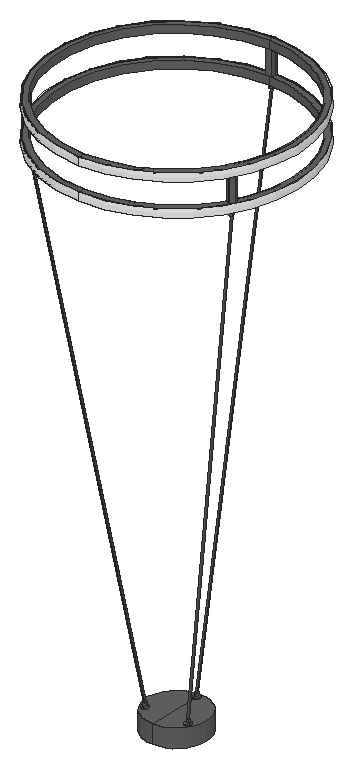
Revit family "AFX-Gemini-LED_Pendant", category Lighting Fixtures, host Face, Revit 2021
Family settings
  Host = Face
  Round Connector Dimension = Use Diameter
  Part Type = Normal
  Cut with Voids When Loaded = No
  Light Source = Yes
  Shared = No
  Room Calculation Point = No
Parameters (values of type "GEMP24LAJUDBK")
  Wattage Comments = "45W"
  Wattage = 9.2903 W
  built-in parameter 1150110 = 1 (stored number, unit not read)
  Voltage = 120 V
  URL = "https://www.afxinc.com/"
  Type Comments = "Gemini"  # constant formula
  built-in parameter 1114217 = 1 (stored number, unit not read)
  Tilt Angle = 90.00°
  built-in parameter 1150109 = 1 (stored number, unit not read)
  built-in parameter 1150134 = 3
  Sustainability = "https://lamprecycle.org/en/"
  built-in parameter 1150113 = 1 (stored number, unit not read)
  HC [instance] = if(and(Ceiling Distance > 19 31/32", Ceiling Distance < 108 1/32"), Ceiling Distance, 20")  # 50"
  Cable Finish = AFX - Black Steel
  Revit File Built By = "https://servex-us.com/servex-revit/"
  Product Documentation Link = "https://www.afxinc.com/products/productDetail.cfm?productID=2706"
  Photometric Web File = "GEM24LAJUDBK_3000K_IES.IES"
  built-in parameter 1150142 = "IESNA:LM-63-2002\r\n[TEST] \r\n[TESTLAB] LCTECH\r\n[TESTDATE] 2024/2/28\r\n[ISSUEDATE] 2024/2/28\r\n[MANUFAC] AFX\r\n[LUMCAT] GEM24LAJUDBK\r\n[LUMINAIRE] LEDµÆ¾ß\r\n[LAMPCAT] \r\n[LAMP] \r\n[LumELE] 119.98 0.389 46.25 0.992\r\nTILT=NONE\r\n1 2353.96 1 37 7 1 2 -0.61 -0.61 0.095\r\n1 1 46.25\r\n0.00 5.00 10.00 15.00 20.00 25.00 30.00 35.00 40.00 45.00 50.00 55.00 60.00 65.00 70.00 75.00 80.00 85.00 90.00 95.00 100.00 105.00 110.00 115.00 120.00 125.00 130.00 135.00 140.00 145.00 150.00 155.00 160.00 165.00 170.00 175.00 180.00\r\n0.00 15.00 30.00 45.00 60.00 75.00 90.00\r\n75.962 89.82 104.191 114.97 127.095 137.874 148.652 158.982 168.862 178.742 188.173 196.257 201.197 210.179 215.119 219.61 221.856 223.652 219.161 216.017 212.425 207.934 203.892 198.502 191.766 184.58 176.047 167.514 158.982 149.101 139.221 128.443 \r\n115.419 101.946 92.515 79.94 34.517\r\n75.962 90.269 103.742 114.745 127.32 137.874 148.877 158.757 167.29 178.517 187.724 196.032 203.667 210.179 215.119 219.386 221.631 223.427 216.466 208.832 208.383 203.667 200.523 196.257 190.419 183.682 175.598 167.29 158.532 148.877 138.772 127.994 \r\n115.643 101.497 92.515 79.94 34.517\r\n75.962 90.269 103.967 114.97 125.074 137.874 148.652 158.982 169.086 178.967 188.398 196.931 204.341 209.954 215.344 219.835 222.08 223.427 217.14 207.934 207.934 204.116 200.299 196.032 190.643 183.907 176.272 167.514 158.757 149.55 139.446 128.218 \r\n115.194 101.946 92.739 79.491 34.517\r\n75.962 90.494 104.191 114.97 127.095 138.098 148.428 159.431 169.311 179.191 188.398 196.931 204.116 210.404 215.344 219.835 222.305 223.427 221.631 215.119 211.526 209.281 205.014 198.951 193.787 185.478 177.619 168.862 159.206 150.00 140.119 128.892 \r\n115.194 101.946 92.29 79.491 34.517\r\n75.962 90.494 104.416 115.643 129.565 138.098 148.877 158.982 169.311 178.967 188.398 196.931 204.565 210.179 215.793 219.386 221.856 223.427 223.203 220.733 217.365 213.772 208.832 202.544 196.481 188.622 179.865 170.883 162.799 151.347 140.568 129.79 \r\n115.868 101.721 92.515 79.94 34.517\r\n75.962 90.494 104.64 115.419 127.545 138.547 148.877 159.431 169.535 179.64 188.622 197.38 204.79 210.628 215.568 220.059 222.529 223.877 224.326 222.978 220.508 216.916 212.20 205.463 199.176 191.317 182.559 172.679 162.574 152.245 141.916 130.239 \r\n119.012 101.497 92.964 80.614 34.517\r\n75.962 92.964 105.09 115.868 128.443 139.221 150.00 160.329 170.658 180.538 189.969 198.951 206.137 212.425 217.365 221.407 224.101 225.898 225.448 225.448 223.652 220.059 214.67 208.383 201.197 193.562 184.58 175.149 164.82 154.491 143.712 131.586 \r\n117.664 102.844 93.413 83.982 34.517\r\n"
  Model = "GEMP24LAJUDBK"
  Manufacturer = "AFX Inc"  # constant formula
  built-in parameter 1150105 = 109.82 (stored number, unit not read)
  Lumens = 1380 lm
  built-in parameter 1150115 = 1 (stored number, unit not read)
  built-in parameter 1150137 = (empty or 0)
  built-in parameter 1150139 = (empty or 0)
  built-in parameter 1150112 = 1 (stored number, unit not read)
  built-in parameter 1150114 = 1 (stored number, unit not read)
  Lamp = ""
  Keynote = "12500"  # constant formula
  built-in parameter 1150132 = (empty or 0)
  built-in parameter 1150102 = (empty or 0)
  built-in parameter 1150107 = 3200 (stored number, unit not read)
  built-in parameter 1150138 = (empty or 0)
  built-in parameter 1150106 = 1.0982 (stored number, unit not read)
  Housing Finish = AFX - Black Steel
  Heigth Housing = if(and(Diameter = 36"), 1 3/16", 1 25/32")  # 1 25/32"
  Height = 4"
  Emit from Rectangle Width = 1 7/16"
  Emit from Rectangle Length = 17 3/4"
  Emit Shape Visible in Rendering = no
  built-in parameter 1150104 = 13.8 (stored number, unit not read)
  Dimming Lamp Color Temperature Shift = <None>
  Diffuser Finish = AFX - White Acrylic
  Diameter Housing = if(and(Diameter = 36"), 11 1/32", 5 29/32")  # 5 29/32"
  Diameter = 24"
  Description = "LED Pendant Round - 24\"Dia x 4\"H"
  Default Elevation = 48"
  Colour Rendering Index = "90"
  Color Filter = 16777215
  Ceiling Distance [instance] = 50"
  Body Finish = AFX - Black Steel
  built-in parameter 1114218 = 1 (stored number, unit not read)
  built-in parameter 1150133 = 10 (stored number, unit not read)
  Assembly Code = "D5020200"
  Apparent Load = 0 VA
  Adjustable Height (Range) [instance] = if(and(Ceiling Distance > 19 31/32", Ceiling Distance < 108 1/32"), "108 Pulg Max", "Not Range")  # "108 Pulg Max"
Types (3): name | Wattage Comments | Product Documentation Link | Photometric Web File | built-in parameter 1150142 | Model | Heigth Housing | Diameter Housing | Diameter | Description
  (no name) | "45W" | "https://www.afxinc.com/products/productDetail.cfm?productID=2706" | "GEM24LAJUDBK_3000K_IES.IES" | "IESNA:LM-63-2002\r\n[TEST] \r\n[TESTLAB] LCTECH\r\n[TESTDATE] 2024/2/28\r\n[ISSUEDATE] 2024/2/28\r\n[MANUFAC] AFX\r\n[LUMCAT] GEM24LAJUDBK\r\n[LUMINAIRE] LEDµÆ¾ß\r\n[LAMPCAT] \r\n[LAMP] \r\n[LumELE] 119.98 0.389 46.25 0.992\r\nTILT=NONE\r\n1 2353.96 1 37 7 1 2 -0.61 -0.61 0.095\r\n1 1 46.25\r\n0.00 5.00 10.00 15.00 20.00 25.00 30.00 35.00 40.00 45.00 50.00 55.00 60.00 65.00 70.00 75.00 80.00 85.00 90.00 95.00 100.00 105.00 110.00 115.00 120.00 125.00 130.00 135.00 140.00 145.00 150.00 155.00 160.00 165.00 170.00 175.00 180.00\r\n0.00 15.00 30.00 45.00 60.00 75.00 90.00\r\n75.962 89.82 104.191 114.97 127.095 137.874 148.652 158.982 168.862 178.742 188.173 196.257 201.197 210.179 215.119 219.61 221.856 223.652 219.161 216.017 212.425 207.934 203.892 198.502 191.766 184.58 176.047 167.514 158.982 149.101 139.221 128.443 \r\n115.419 101.946 92.515 79.94 34.517\r\n75.962 90.269 103.742 114.745 127.32 137.874 148.877 158.757 167.29 178.517 187.724 196.032 203.667 210.179 215.119 219.386 221.631 223.427 216.466 208.832 208.383 203.667 200.523 196.257 190.419 183.682 175.598 167.29 158.532 148.877 138.772 127.994 \r\n115.643 101.497 92.515 79.94 34.517\r\n75.962 90.269 103.967 114.97 125.074 137.874 148.652 158.982 169.086 178.967 188.398 196.931 204.341 209.954 215.344 219.835 222.08 223.427 217.14 207.934 207.934 204.116 200.299 196.032 190.643 183.907 176.272 167.514 158.757 149.55 139.446 128.218 \r\n115.194 101.946 92.739 79.491 34.517\r\n75.962 90.494 104.191 114.97 127.095 138.098 148.428 159.431 169.311 179.191 188.398 196.931 204.116 210.404 215.344 219.835 222.305 223.427 221.631 215.119 211.526 209.281 205.014 198.951 193.787 185.478 177.619 168.862 159.206 150.00 140.119 128.892 \r\n115.194 101.946 92.29 79.491 34.517\r\n75.962 90.494 104.416 115.643 129.565 138.098 148.877 158.982 169.311 178.967 188.398 196.931 204.565 210.179 215.793 219.386 221.856 223.427 223.203 220.733 217.365 213.772 208.832 202.544 196.481 188.622 179.865 170.883 162.799 151.347 140.568 129.79 \r\n115.868 101.721 92.515 79.94 34.517\r\n75.962 90.494 104.64 115.419 127.545 138.547 148.877 159.431 169.535 179.64 188.622 197.38 204.79 210.628 215.568 220.059 222.529 223.877 224.326 222.978 220.508 216.916 212.20 205.463 199.176 191.317 182.559 172.679 162.574 152.245 141.916 130.239 \r\n119.012 101.497 92.964 80.614 34.517\r\n75.962 92.964 105.09 115.868 128.443 139.221 150.00 160.329 170.658 180.538 189.969 198.951 206.137 212.425 217.365 221.407 224.101 225.898 225.448 225.448 223.652 220.059 214.67 208.383 201.197 193.562 184.58 175.149 164.82 154.491 143.712 131.586 \r\n117.664 102.844 93.413 83.982 34.517\r\n" | "GEMP24LAJUDBK" | 1 25/32" | 5 29/32" | 24" | "LED Pendant Round - 24\"Dia x 4\"H"
  GEMP24LAJUDBK | "45W" | "https://www.afxinc.com/products/productDetail.cfm?productID=2706" | "GEM24LAJUDBK_3000K_IES.IES" | "IESNA:LM-63-2002\r\n[TEST] \r\n[TESTLAB] LCTECH\r\n[TESTDATE] 2024/2/28\r\n[ISSUEDATE] 2024/2/28\r\n[MANUFAC] AFX\r\n[LUMCAT] GEM24LAJUDBK\r\n[LUMINAIRE] LEDµÆ¾ß\r\n[LAMPCAT] \r\n[LAMP] \r\n[LumELE] 119.98 0.389 46.25 0.992\r\nTILT=NONE\r\n1 2353.96 1 37 7 1 2 -0.61 -0.61 0.095\r\n1 1 46.25\r\n0.00 5.00 10.00 15.00 20.00 25.00 30.00 35.00 40.00 45.00 50.00 55.00 60.00 65.00 70.00 75.00 80.00 85.00 90.00 95.00 100.00 105.00 110.00 115.00 120.00 125.00 130.00 135.00 140.00 145.00 150.00 155.00 160.00 165.00 170.00 175.00 180.00\r\n0.00 15.00 30.00 45.00 60.00 75.00 90.00\r\n75.962 89.82 104.191 114.97 127.095 137.874 148.652 158.982 168.862 178.742 188.173 196.257 201.197 210.179 215.119 219.61 221.856 223.652 219.161 216.017 212.425 207.934 203.892 198.502 191.766 184.58 176.047 167.514 158.982 149.101 139.221 128.443 \r\n115.419 101.946 92.515 79.94 34.517\r\n75.962 90.269 103.742 114.745 127.32 137.874 148.877 158.757 167.29 178.517 187.724 196.032 203.667 210.179 215.119 219.386 221.631 223.427 216.466 208.832 208.383 203.667 200.523 196.257 190.419 183.682 175.598 167.29 158.532 148.877 138.772 127.994 \r\n115.643 101.497 92.515 79.94 34.517\r\n75.962 90.269 103.967 114.97 125.074 137.874 148.652 158.982 169.086 178.967 188.398 196.931 204.341 209.954 215.344 219.835 222.08 223.427 217.14 207.934 207.934 204.116 200.299 196.032 190.643 183.907 176.272 167.514 158.757 149.55 139.446 128.218 \r\n115.194 101.946 92.739 79.491 34.517\r\n75.962 90.494 104.191 114.97 127.095 138.098 148.428 159.431 169.311 179.191 188.398 196.931 204.116 210.404 215.344 219.835 222.305 223.427 221.631 215.119 211.526 209.281 205.014 198.951 193.787 185.478 177.619 168.862 159.206 150.00 140.119 128.892 \r\n115.194 101.946 92.29 79.491 34.517\r\n75.962 90.494 104.416 115.643 129.565 138.098 148.877 158.982 169.311 178.967 188.398 196.931 204.565 210.179 215.793 219.386 221.856 223.427 223.203 220.733 217.365 213.772 208.832 202.544 196.481 188.622 179.865 170.883 162.799 151.347 140.568 129.79 \r\n115.868 101.721 92.515 79.94 34.517\r\n75.962 90.494 104.64 115.419 127.545 138.547 148.877 159.431 169.535 179.64 188.622 197.38 204.79 210.628 215.568 220.059 222.529 223.877 224.326 222.978 220.508 216.916 212.20 205.463 199.176 191.317 182.559 172.679 162.574 152.245 141.916 130.239 \r\n119.012 101.497 92.964 80.614 34.517\r\n75.962 92.964 105.09 115.868 128.443 139.221 150.00 160.329 170.658 180.538 189.969 198.951 206.137 212.425 217.365 221.407 224.101 225.898 225.448 225.448 223.652 220.059 214.67 208.383 201.197 193.562 184.58 175.149 164.82 154.491 143.712 131.586 \r\n117.664 102.844 93.413 83.982 34.517\r\n" | "GEMP24LAJUDBK" | 1 25/32" | 5 29/32" | 24" | "LED Pendant Round - 24\"Dia x 4\"H"
  GEMP32LAJUDBK | "60W" | "https://www.afxinc.com/products/productDetail.cfm?productID=2710" | "GEM32LAJUDNP_3000K_IES.IES" | "IESNA:LM-63-2002\r\n[TEST] \r\n[TESTLAB] LCTECH\r\n[TESTDATE] 2024/2/28\r\n[ISSUEDATE] 2024/2/28\r\n[MANUFAC] AFX\r\n[LUMCAT] GEM32LAJUDNP\r\n[LUMINAIRE] LEDµÆ¾ß\r\n[LAMPCAT] \r\n[LAMP] \r\n[LumELE] 119.98 0.479 56.91 0.9909\r\nTILT=NONE\r\n1 3531.97 1 37 7 1 2 -0.81 -0.81 0.095\r\n1 1 56.91\r\n0.00 5.00 10.00 15.00 20.00 25.00 30.00 35.00 40.00 45.00 50.00 55.00 60.00 65.00 70.00 75.00 80.00 85.00 90.00 95.00 100.00 105.00 110.00 115.00 120.00 125.00 130.00 135.00 140.00 145.00 150.00 155.00 160.00 165.00 170.00 175.00 180.00\r\n0.00 15.00 30.00 45.00 60.00 75.00 90.00\r\n95.53 125.299 147.754 166.616 185.478 200.748 216.017 230.838 246.107 260.478 274.849 286.975 293.712 307.634 315.269 321.107 325.598 328.292 326.047 321.556 320.658 314.819 308.532 302.694 294.61 284.73 273.951 260.927 246.556 232.634 217.365 198.053 \r\n177.844 162.574 147.305 127.994 49.529\r\n95.53 125.524 147.754 167.065 185.254 200.523 216.242 231.062 243.637 260.927 275.074 287.873 298.203 308.083 315.718 321.78 325.149 329.191 324.924 316.391 318.412 311.90 306.062 301.122 293.487 283.831 273.502 261.152 247.23 232.634 217.814 198.502 \r\n178.068 163.473 147.979 127.545 49.529\r\n95.53 125.074 147.754 167.29 181.886 200.972 216.242 231.736 247.454 262.05 276.197 288.772 299.55 309.43 316.84 322.903 327.394 330.538 324.70 312.349 315.044 309.655 306.062 300.897 293.712 284.73 274.40 261.826 248.353 233.308 218.038 198.502 178.068 \r\n165.269 148.877 128.667 49.529\r\n95.53 124.85 147.754 166.841 185.478 200.972 216.691 232.634 248.128 262.948 277.095 289.445 300.673 310.553 317.963 324.026 328.292 331.212 329.191 320.433 318.861 315.493 310.777 304.715 298.203 287.20 276.197 263.622 249.70 234.655 218.712 198.727 \r\n178.967 165.494 148.877 129.565 49.529\r\n95.53 124.401 146.407 166.392 189.52 201.646 217.589 232.409 248.577 262.948 277.993 290.793 301.571 311.227 318.861 324.70 329.191 331.436 332.11 329.64 325.598 321.78 316.391 309.879 300.448 291.017 279.34 265.867 254.415 236.227 220.059 200.299 180.089\r\n 166.167 149.775 129.341 49.529\r\n95.53 124.176 145.733 165.269 185.254 201.646 217.589 233.532 249.475 264.296 278.891 291.242 302.694 312.574 320.209 325.822 330.313 333.008 333.682 333.906 331.436 326.496 321.107 314.146 304.939 294.61 282.709 268.337 253.966 238.472 221.407 201.422 \r\n184.805 167.065 151.122 127.994 49.529\r\n95.53 124.85 147.754 167.065 186.377 202.544 219.161 234.88 251.047 266.317 280.688 294.161 304.49 315.269 322.005 327.843 332.783 335.478 336.376 336.825 334.58 330.089 324.251 317.065 307.185 297.304 285.179 271.257 257.335 240.269 224.101 203.443 \r\n182.335 169.76 152.694 129.79 49.529\r\n" | "GEMP32LAJUDBK" | 1 3/16" | 11 1/32" | 36" | "LED Pendant Round - 36\"Dia x 4\"H"
Reference planes (in)
  plane 1 "Center (Front/Back)": y = 0.13952
  plane 2: z = 0
  plane 3 "Center (Left/Right)": x = 0
  plane 4: x = -2.95312
  plane 5: x = 2.95313
  plane 6: y = -2.8136
  plane 7: y = 3.09265
  plane 8: x = -12
  plane 9: x = 12
  plane 10: y = -11.86048
  plane 11: y = 12.13952
  plane 12: z = 55.71826
  plane 13: z = 51.78125
  plane 14: z = 54.93086
  plane 15: z = 52.56865
  plane 16: z = 1.78125
  plane 17: z = 53.74975
Forms (in)
  Revolve 1, solid, material "AFX - Black Steel" <- "Housing Finish"
    sketch origin (0, 0, 0) x (0, 1, 0) y (0, 0, 1)
      loop
        line (0.13952, 1.78125) -> (-2.8136, 1.78125) -> (-2.8136, 0) -> (0.13952, 0) -> (0.13952, 1.78125)
      axis (0.13952, 1.78125) -> (0.13952, 0)
    angle from 0 to 360
  Revolve 2, solid, material "AFX - Black Steel" <- "Body Finish"
    sketch origin (0, 0, 0) x (0, 1, 0) y (0, 0, 1)
      loop
        line (12.08834, 55.61983) -> (12.08834, 55.71826) -> (11.49738, 55.71826) -> (11.49738, 54.93086) -> (12.08834, 54.93086) -> (12.08834, 55.02928) -> (12.04897, 55.02928) -> (12.04897, 54.97023) -> (11.54493, 54.97023) -> (11.54493, 55.67889) -> (12.04897, 55.67889) -> (12.04897, 55.61983) -> (12.08834, 55.61983)
      loop
        line (12.08834, 51.87968) -> (12.04897, 51.87968) -> (12.04897, 51.82062) -> (11.54493, 51.82062) -> (11.54493, 52.52928) -> (12.04897, 52.52928) -> (12.04897, 52.47023) -> (12.08834, 52.47023) -> (12.08834, 52.56865) -> (11.49738, 52.56865) -> (11.49738, 51.78125) -> (12.08834, 51.78125) -> (12.08834, 51.87968)
      axis (0.13952, 55.71826) -> (0.13952, 51.78125)
    angle from 0 to 360
  Revolve 3, solid, material "AFX - White Acrylic" <- "Diffuser Finish"
    sketch origin (0, 0, 0) x (0, 1, 0) y (0, 0, 1)
      loop
        arc (12.12539, 54.93086) -> (12.14761, 55.32456) -> (12.12539, 55.71826) r 3.49957
        line (12.12539, 55.71826) -> (12.08834, 55.71826)
        arc (12.08834, 55.71826) -> (12.11638, 55.32456) -> (12.08834, 54.93086) r 2.7779
        line (12.08834, 54.93086) -> (12.12539, 54.93086)
      loop
        arc (12.12539, 51.78125) -> (12.14761, 52.17495) -> (12.12539, 52.56865) r 3.49957
        line (12.12539, 52.56865) -> (12.08834, 52.56865)
        arc (12.08834, 52.56865) -> (12.11638, 52.17495) -> (12.08834, 51.78125) r 2.7779
        line (12.08834, 51.78125) -> (12.12539, 51.78125)
      axis (0.13952, 55.71826) -> (0.13952, 51.78125)
    angle from 0 to 360
Lines and regions (in)
  symbolic lines
    curve 1: arc (0, -2.8136, 0) -> (-2.95313, 0.13952, 0) -> (0, 3.09265, 0) r 2.95313
    curve 2: arc (0, 3.09265, 0) -> (2.95313, 0.13952, 0) -> (0, -2.8136, 0) r 2.95313
    curve 3: arc (0, 11.49738, 0) -> (-11.35786, 0.13952, 0) -> (0, -11.21834, 0) r 11.35786
    curve 4: arc (0, -11.21834, 0) -> (11.35786, 0.13952, 0) -> (0, 11.49738, 0) r 11.35786
    curve 5: arc (0, 12.12539, 0) -> (-11.98587, 0.13952, 0) -> (0, -11.84635, 0) r 11.98587
    curve 6: arc (0, -11.84635, 0) -> (11.98587, 0.13952, 0) -> (0, 12.12539, 0) r 11.98587
Dimensions and locks (in)
  equal spacing: plane 4, plane 3 "Center (Left/Right)", plane 5
  "Diameter Housing": plane 4 to plane 5
  equal spacing: plane 7, plane 1 "Center (Front/Back)", plane 6
  "Diameter Housing": plane 6 to plane 7
  equal spacing: plane 8, plane 3 "Center (Left/Right)", plane 9
  "Diameter": plane 8 to plane 9
  equal spacing: plane 11, plane 1 "Center (Front/Back)", plane 10
  "Diameter": plane 11 to plane 10
  locked: plane 15 to plane 13 at 0.7874
  locked: plane 12 to plane 14 at 0.7874
  locked: plane 12 to plane 13 at 3.93701
  "Heigth Housing": plane 16 to plane 2
  plane 11 to Revolve 2 sketch curve to Revolve 2 sketch curve to Revolve 2 sketch curve to Revolve 2 sketch curve = 0.05118" locked, 0.03937" locked, 0.50404" locked, 0.04755" locked  (x2)
  plane 11 to Revolve 2 sketch curve to Revolve 2 sketch curve = 0.05118" locked, 0.03937" locked  (x2)
  Revolve 2 sketch curve to Revolve 2 sketch curve to plane 12 = 0.05906" locked, 0.03937" locked
  plane 14 to Revolve 2 sketch curve to Revolve 2 sketch curve = 0.03937" locked, 0.05906" locked
  Revolve 2 sketch curve to Revolve 2 sketch curve to plane 15 = 0.05906" locked, 0.03937" locked
  plane 13 to Revolve 2 sketch curve to Revolve 2 sketch curve = 0.03937" locked, 0.05906" locked
  Revolve 3 sketch curve to Revolve 3 sketch curve to plane 11 = 0.69044" locked, 2.80104" locked  (x2)
  "HC": plane 13 to plane 16
  equal spacing: plane 12, plane 17, plane 13, locked at 1.9685 each
  aligned and locked: host face to plane 2
  aligned and locked: level to host face
  aligned and locked: imposter light to plane 3 "Center (Left/Right)"
  aligned and locked: Revolve 1 sketch curve to plane 1 "Center (Front/Back)"
  aligned and locked: Revolve 1 sketch curve to plane 16
  aligned and locked: plane 2 to Revolve 1 sketch curve
  aligned and locked: plane 1 "Center (Front/Back)" to Revolve 1 sketch curve
  aligned and locked: plane 6 to Revolve 1 sketch curve
  aligned and locked: Revolve 2 sketch curve to plane 1 "Center (Front/Back)"
  aligned and locked: Revolve 2 sketch curve to plane 12
  aligned and locked: plane 14 to Revolve 2 sketch curve
  aligned and locked: plane 15 to Revolve 2 sketch curve
  aligned and locked: Revolve 2 sketch curve to plane 13
  aligned and locked: Revolve 3 sketch curve to plane 12
  aligned and locked: Revolve 3 sketch curve to plane 14
  aligned and locked: Revolve 3 sketch curve to plane 15
  aligned and locked: Revolve 3 sketch curve to plane 13
  aligned and locked: plane 16 to nested 1
  aligned and locked: plane 3 "Center (Left/Right)" to nested 1
  aligned and locked: plane 1 "Center (Front/Back)" to nested 1
  aligned and locked: curve 1 to Revolve 1
  aligned and locked: curve 2 to Revolve 1
  aligned and locked: curve 3 to Revolve 2
  aligned and locked: curve 4 to Revolve 2
  aligned and locked: curve 5 to Revolve 3
  aligned and locked: curve 6 to Revolve 3
  aligned and locked: imposter light to plane 17
Automatic sketch dimensions
  host sketch curve to host sketch curve = 96"  (x2)
  Revolve 1 sketch curve to Revolve 1 sketch curve = 3.72835"
  Revolve 1 sketch curve to Revolve 1 sketch curve = 4"
  Revolve 2 sketch curve to plane 13 = 2.06299"
  plane 12 to Revolve 2 sketch curve = 2"
  Revolve 3 sketch curve to plane 1 "Center (Front/Back)" = 0"
  Revolve 3 sketch curve to plane 12 = 0.3937"
  plane 13 to Revolve 3 sketch curve = 0.3937"
  Revolve 3 sketch curve to plane 11 = 0.05118"  (x4)
  Revolve 3 sketch curve to plane 11 = 0.01413"  (x2)
  Revolve 3 sketch curve to plane 13 = 1.31299"
  plane 12 to Revolve 3 sketch curve = 1 1/2"
Nested families (in)
  nested 1: "Cable" at (0, 0.13952, 0), CD <- "Ceiling Distance", Diameter Housing <- "Diameter Housing", Heigth Housing <- "Heigth Housing", Diameter <- "Diameter", Body Finish <- "Body Finish", Cable Finish <- "Cable Finish", type "Family2"
    with Heigth Housing 1 25/32", Diameter Housing 5 29/32", Diameter 24", Cable Finish AFX - Black Steel, CD 50", Body Finish AFX - Black Steel
  nested 2: "Cable" at (0, 0.13952, 0) x (-0.5, 0.866, 0) z (0, 0, 1), CD <- "Ceiling Distance", Diameter Housing <- "Diameter Housing", Heigth Housing <- "Heigth Housing", Diameter <- "Diameter", Body Finish <- "Body Finish", Cable Finish <- "Cable Finish", type "Family2"
    with Heigth Housing 1 25/32", Diameter Housing 5 29/32", Diameter 24", Cable Finish AFX - Black Steel, CD 50", Body Finish AFX - Black Steel
  nested 3: "Cable" at (0, 0.13952, 0) x (0.5, 0.866, 0) z (0, 0, 1), CD <- "Ceiling Distance", Diameter Housing <- "Diameter Housing", Heigth Housing <- "Heigth Housing", Diameter <- "Diameter", Body Finish <- "Body Finish", Cable Finish <- "Cable Finish", type "Family2"
    with Heigth Housing 1 25/32", Diameter Housing 5 29/32", Diameter 24", Cable Finish AFX - Black Steel, CD 50", Body Finish AFX - Black Steel
Connectors (in)
  electrical at (0, 0.13952, 0), driven by "Voltage", driven by "Apparent Load"
    settings: on Revolve 1, index 1, voltage 120 V, apparent load 0 VA, apparent load phase1 0 VA, apparent load phase2 0 VA, apparent load phase3 0 VA, power factor 1, load classification "Lighting", number of poles 1, system type 31, power factor state 1, is connector primary yes, connector utility no, sub classification motor no, connector description ""
Definition of nested family "Cable"
  Parameters (values of type "Family2")
    Heigth Housing [instance] = 1 3/4"
    Diameter Housing [instance] = 5 227/256"
    Diameter [instance] = 24"
    Default Elevation = 0"
    Cable Finish [instance] = none
    CD [instance] = 76.69291"
    Body Finish [instance] = none
  Reference planes (in)
    plane 1 "Center (Front/Back)": y = 0
    plane 2: z = 0
    plane 3 "Center (Left/Right)": x = 0
    plane 4: z = 1.75
    plane 5: z = 82.37992
    plane 6: z = 81.59252
    plane 7: z = 79.23031
    plane 8: z = 78.44291
    plane 9: y = 12
    plane 10: y = -12
    plane 11: x = 12
    plane 12: x = -12
    plane 13: y = 2.94336
    plane 14: y = -2.94336
    plane 15: x = 2.94336
    plane 16: x = -2.94336
    plane 17: z = 2.18331
    plane 18: z = 78.12795
  Forms (in)
    Revolve 1, solid, material <- "Cable Finish"
      sketch origin (0, 0, 0) x (0, 1, 0) y (0, 0, 1)
        loop
          line (2.46036, 2.18331) -> (2.46036, 1.75) -> (2.77558, 1.75) -> (2.77558, 1.78864)
          arc (2.77558, 1.78864) -> (2.66852, 1.83405) -> (2.59886, 1.92717) r 0.22306
          line (2.59886, 1.92717) -> (2.59886, 2.18331) -> (2.46036, 2.18331)
        axis (2.46036, 1.75) -> (2.46036, 2.18331)
      angle from 0 to 360
    Revolve 2, solid, material <- "Cable Finish"
      sketch origin (0, 0, 0) x (0, 1, 0) y (0, 0, 1)
        loop
          line (11.85039, 78.44291) -> (11.65354, 78.44291) -> (11.65354, 78.12795) -> (11.85039, 78.12795) -> (11.85039, 78.44291)
        axis (11.65354, 78.44291) -> (11.65354, 78.12795)
      angle from 0 to 360
    Extrusion 3, solid, material <- "Body Finish"
      sketch origin (0, 0, 0) x (1, 0, 0) y (0, 1, 0)
        loop
          arc (0.25621, 11.33858) -> (0.28383, 11.35002) -> (0.29528, 11.37765) r 0.03906
          line (0.29528, 11.37765) -> (0.29528, 11.89007)
          arc (0.29528, 11.89007) -> (0.28383, 11.91769) -> (0.25621, 11.92913) r 0.03906
          line (0.25621, 11.92913) -> (-0.25717, 11.92913)
          arc (-0.25717, 11.92913) -> (-0.28412, 11.91797) -> (-0.29528, 11.89103) r 0.0381
          line (-0.29528, 11.89103) -> (-0.29528, 11.37744)
          arc (-0.29528, 11.37744) -> (-0.28389, 11.34996) -> (-0.25642, 11.33858) r 0.03886
          line (-0.25642, 11.33858) -> (0.25621, 11.33858)
      from 79.23031 to 81.59252
    Blend 4, solid, material <- "Cable Finish"
      base sketch origin (0, 0, 0) x (1, 0, 0) y (0, 1, 0)
        loop
          circle (0, 11.69187) r 0.07779
      top sketch origin (0, 0, 0) x (1, 0, 0) y (0, 1, 0)
        loop
          circle (0, 2.45923) r 0.07779
      from 78.12795 to 2.18331
  Lines and regions (in)
    symbolic lines, detail levels medium+fine
      curve 1: line (-0.25642, 11.33858, 0) -> (0.25621, 11.33858, 0)
      curve 2: arc (-0.29528, 11.37744, 0) -> (-0.28389, 11.34996, 0) -> (-0.25642, 11.33858, 0) r 0.03886
      curve 3: arc (0.25621, 11.33858, 0) -> (0.28383, 11.35002, 0) -> (0.29528, 11.37765, 0) r 0.03906
      curve 4: line (0.29528, 11.37765, 0) -> (0.29528, 11.89007, 0)
      curve 5: line (-0.29528, 11.89103, 0) -> (-0.29528, 11.37744, 0)
      curve 6: arc (-0.25717, 11.92913, 0) -> (-0.28412, 11.91797, 0) -> (-0.29528, 11.89103, 0) r 0.0381
      curve 7: line (0.25621, 11.92913, 0) -> (-0.25717, 11.92913, 0)
      curve 8: arc (0.29528, 11.89007, 0) -> (0.28383, 11.91769, 0) -> (0.25621, 11.92913, 0) r 0.03906
      curve 9: arc (-0.07779, 2.76583, 0) -> (0, 2.14513, 0) -> (0.07779, 2.76583, 0) r 0.31523
      curve 10: arc (0.07779, 2.45923, 0) -> (0, 2.38144, 0) -> (-0.07779, 2.45923, 0) r 0.07779
      curve 13: arc (-0.07779, 2.57496, 0) -> (0, 2.32185, 0) -> (0.07779, 2.57496, 0) r 0.13851
    symbolic lines
      curve 11: line (-0.07779, 2.45923, 0) -> (-0.07779, 11.33858, 0)
      curve 12: line (0.07779, 2.45923, 0) -> (0.07779, 11.33858, 0)
  Dimensions and locks (in)
    locked: plane 7 to plane 8 at 0.7874
    locked: plane 5 to plane 6 at 0.7874
    locked: plane 5 to plane 8 at 3.93701
    "Heigth Housing": plane 4 to plane 2
    equal spacing: plane 10, plane 1 "Center (Front/Back)", plane 9
    "Diameter": plane 10 to plane 9
    equal spacing: plane 12, plane 3 "Center (Left/Right)", plane 11
    "Diameter": plane 12 to plane 11
    "CD": plane 8 to plane 4
    equal spacing: plane 14, plane 1 "Center (Front/Back)", plane 13
    "Diameter Housing": plane 14 to plane 13
    equal spacing: plane 16, plane 3 "Center (Left/Right)", plane 15
    "Diameter Housing": plane 16 to plane 15
    locked: plane 17 to plane 4 at 0.43331
    locked: plane 8 to plane 18 at 0.31496
    plane 13 to Revolve 1 sketch curve to Revolve 1 sketch curve to Revolve 1 sketch curve to Revolve 1 sketch curve = 0.13723" locked, 0.03055" locked, 0.17672" locked, 0.13851" locked
    locked: plane 13 to Revolve 1 sketch curve at 0.483
    locked: plane 17 to Revolve 1 sketch curve at 0.17371
    plane 9 to Revolve 2 sketch curve to Revolve 2 sketch curve = 0.14961" locked, 0.19685" locked
    locked: plane 9 to Revolve 2 sketch curve at 0.34646
    Extrusion 3 sketch curve to Extrusion 3 sketch curve to plane 9 = 0.51359" locked, 0.10897" locked
    Extrusion 3 sketch curve to Extrusion 3 sketch curve to plane 9 = 0.51243" locked, 0.10993" locked
    locked: Extrusion 3 sketch curve to plane 3 "Center (Left/Right)" at 0.25717
    locked: plane 3 "Center (Left/Right)" to Extrusion 3 sketch curve at 0.25621  (x2)
    locked: Extrusion 3 sketch curve to plane 3 "Center (Left/Right)" at 0.25642
    aligned and locked: plane 2 to level
    aligned and locked: plane 17 to Revolve 1 sketch curve
    aligned and locked: Revolve 1 sketch curve to plane 4
    aligned and locked: Revolve 2 sketch curve to plane 8
    aligned and locked: plane 18 to Revolve 2 sketch curve
    aligned and locked: plane 6 to Extrusion 3
    aligned and locked: Extrusion 3 to plane 7
    aligned and locked: plane 3 "Center (Left/Right)" to Blend 4 sketch curve
    aligned and locked: plane 18 to Blend 4
    aligned and locked: Blend 4 to plane 17
    aligned and locked: curve 2 to Extrusion 3
    aligned and locked: curve 3 to Extrusion 3
    aligned and locked: curve 6 to Extrusion 3
    aligned and locked: curve 8 to Extrusion 3
    aligned and locked: curve 9 to Revolve 1
    aligned and locked: curve 12 to Blend 4
  Automatic sketch dimensions
    Revolve 1 sketch curve to Revolve 1 sketch curve = 0.03864"
    Revolve 1 sketch curve to plane 4 = 0.17273"
    Revolve 1 sketch curve to Revolve 1 sketch curve = 0.24386"
    Revolve 2 sketch curve to plane 18 = 0.14157"
    plane 8 to Revolve 2 sketch curve = 0.24393"
    Extrusion 3 sketch curve to Extrusion 3 sketch curve = 0.0381"
    Blend 4 sketch curve to plane 3 "Center (Left/Right)" = 0"
    Blend 4 sketch curve to plane 9 = 0.30813"
    Blend 4 sketch curve to plane 13 = 0.48413"
    curve 9 to curve 13 = 0"  (x2)
    curve 10 to plane 3 "Center (Left/Right)" = 0"
    curve 11 to curve 9 = 0.00113"
    curve 10 to curve 13 = 0.11572"
    radius of Blend 4 sketch curve = 0.07779"  (x2)
